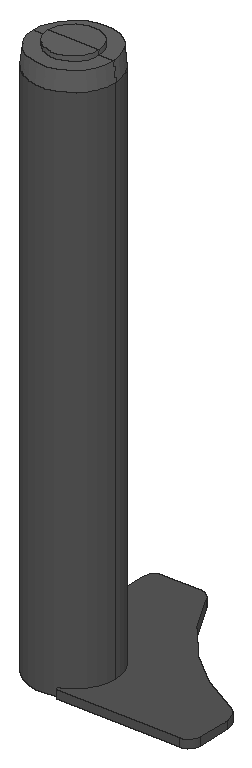
Revit family "Sanitary_Compound-Units_hansgrohe_54289XXX-Xilesa-E-Furniture-feet_145-20_2-pieces", category Furniture, host Face, Revit 2022
Family settings
  Host = Face
  OmniClass Number = 23.21.19.15.33.13
  OmniClass Title = Residential Bathroom Specialty Casework
  Cut with Voids When Loaded = No
  Render Appearance Source = Family Geometry
  Shared = No
  Room Calculation Point = No
Parameters (values of type "670 Matt Black")
  Version = 1  # constant formula
  URL = "https://www.hansgrohe.com/"
  Product data url = "https://www.bimobject.com/en/hansgrohe/product/54289XXX"
  Product Page URL = "https://www.hansgrohe.com/articledetail--54289550"
  Model = "54289XXX"  # constant formula
  Material 2 = Hansgrohe - Plastic - Black
  Material 1 = Hansgrohe - Metal - 670 Matte Black
  Manufacturer = "Hansgrohe"  # constant formula
  Height = 0 mm
  Description = "Xilesa E Furniture feet 145/20, 2 pieces"  # constant formula
  Default Elevation = 0 mm
  Date Updated = ""
  Date Created = "2024/02/03"  # constant formula
Reference planes
  plane 1 "Center (Front/Back)": y = 0
  plane 2: z = 0
  plane 3 "Center (Left/Right)": x = 0
Forms (mm)
  Extrusion 1, solid, material "Hansgrohe - Metal - 670 Matte Black" <- "Material 1", detail levels fine
    sketch origin (50, 111, -143) x (1, 0, 0) y (0, 1, 0)
      loop
        arc (-2.994, -111) -> (-0.877, -110.123) -> (0, -108.006) r 2.994
        line (0, -108.006) -> (0, -99.395)
        arc (0, -99.395) -> (-0.812, -96.664) -> (-2.983, -94.82) r 5
        arc (-2.983, -94.82) -> (-21.262, -82.293) -> (-33.755, -63.991) r 60.068
        arc (-33.755, -63.991) -> (-35.599, -61.814) -> (-38.334, -61) r 5
        line (-38.334, -61) -> (-47, -61)
        arc (-47, -61) -> (-49.121, -61.879) -> (-50, -64) r 3
        line (-50, -64) -> (-50, -99)
        arc (-50, -99) -> (-46.485, -107.485) -> (-38, -111) r 12
        line (-38, -111) -> (-2.994, -111)
    from 143 to 145
  Revolve 2, solid, material "Hansgrohe - Metal - 670 Matte Black" <- "Material 1", detail levels fine
    sketch origin (50, 11, 145) x (1, 0, 0) y (0, 0, -1)
      loop
        line (-49.75, 6) -> (-47.721, 6) -> (-47.721, 145) -> (-49.75, 145) -> (-49.75, 6)
      axis (-39, 6) -> (-39, 145)
    angle from 0 to 360
  Extrusion 3, void
    sketch origin (50, 111, -143) x (1, 0, 0) y (0, 1, 0)
      loop
        arc (-28.25, -100) -> (-36.972, -89.443) -> (-48.985, -96.017) r 10.75
        line (-48.985, -96.017) -> (-50.079, -95.506) -> (-57.059, -95.506) -> (-57.059, -116) -> (-34.543, -116) -> (-34.543, -111) -> (-35.017, -109.985)
        arc (-35.017, -109.985) -> (-30.101, -106.031) -> (-28.25, -100) r 10.75
    from 135.402 to 151.992
  Revolve 4, solid, material "Hansgrohe - Plastic - Black" <- "Material 2", detail levels fine
    sketch origin (50, 11, 145) x (1, 0, 0) y (0, 0, -1)
      loop
        line (-39, 0) -> (-39, 6) -> (-49.75, 6) -> (-49.263, 1.2) -> (-45.5, 1.2) -> (-45.5, 0) -> (-39, 0)
      axis (-39, 6) -> (-39, 0)
    angle from 0 to 360
  Extrusion 5, solid, material "Hansgrohe - Metal - 670 Matte Black" <- "Material 1", detail levels medium
    sketch origin (50, 111, -143) x (1, 0, 0) y (0, 1, 0)
      loop
        line (0, -111) -> (0, -96.041)
        arc (0, -96.041) -> (-21.264, -82.291) -> (-34.973, -61) r 60.068
        line (-34.973, -61) -> (-50, -61) -> (-50, -111) -> (0, -111)
    from 143 to 145
  Extrusion 6, solid, material "Hansgrohe - Metal - 670 Matte Black" <- "Material 1", detail levels medium
    sketch origin (50, 111, 2) x (1, 0, 0) y (0, 1, 0)
      loop
        circle (-38.894, -99.894) r 10.735
    from 0 to 143
  Extrusion 7, solid, material "Hansgrohe - Metal - 670 Matte Black" <- "Material 1", detail levels coarse
    sketch origin (50, 111, -143) x (1, 0, 0) y (0, 1, 0)
      loop
        line (0, -111) -> (0, -97.803) -> (-36.803, -61) -> (-50, -61) -> (-50, -111) -> (0, -111)
    from 143 to 145
  Extrusion 8, solid, material "Hansgrohe - Metal - 670 Matte Black" <- "Material 1", detail levels coarse
    sketch origin (50, 111, 2) x (1, 0, 0) y (0, 1, 0)
      loop
        line (-50, -111) -> (-28.25, -111) -> (-28.25, -89.159) -> (-50, -89.159) -> (-50, -111)
    from 0 to 143
Cuts and joins
  Extrusion 3 cuts Extrusion 1
Lines and regions (mm)
  Masking region 1
    outline origin (111, 50, 0) x (1, 0, 0) y (0, 1, 0)
      loop
        line (-111, -2.994) -> (-111, -38)
        arc (-111, -38) -> (-107.485, -46.485) -> (-99, -50) r 12
        line (-99, -50) -> (-64, -50)
        arc (-64, -50) -> (-61.879, -49.121) -> (-61, -47) r 3
        line (-61, -47) -> (-61, -38.334)
        arc (-61, -38.334) -> (-61.814, -35.599) -> (-63.991, -33.755) r 5
        arc (-63.991, -33.755) -> (-82.293, -21.262) -> (-94.82, -2.983) r 60.068
        arc (-94.82, -2.983) -> (-96.664, -0.812) -> (-99.395, 0) r 5
        line (-99.395, 0) -> (-108.006, 0)
        arc (-108.006, 0) -> (-110.123, -0.877) -> (-111, -2.994) r 2.994
  Masking region 2
    outline origin (0, 50, 145) x (0, 1, 0) y (0, 0, 1)
      loop
        line (-28.25, -143) -> (-28.25, -6) -> (-28.737, -1.2) -> (-32.5, -1.2) -> (-32.5, 0) -> (-45.5, 0) -> (-45.5, -1.2) -> (-49.263, -1.2) -> (-49.75, -6) -> (-49.75, -145) -> (0, -145) -> (0, -143) -> (-28.25, -143)
  Masking region 3
    outline origin (110.75, 0, 145) x (1, 0, 0) y (0, 0, 1)
      loop
        line (-61, -145) -> (-61, -143) -> (-89.25, -143) -> (-89.25, -6) -> (-89.737, -1.2) -> (-93.5, -1.2) -> (-93.5, 0) -> (-106.5, 0) -> (-106.5, -1.2) -> (-110.263, -1.2) -> (-110.75, -6) -> (-110.75, -145) -> (-61, -145)
  symbolic lines, detail levels medium+fine
    curve 1: circle (11.106, 11.106, 0) r 10.735 normal (0, 0, 1)
    curve 3: line (0, 13.714, 0) -> (0, 13.714, 2)
    curve 4: line (0, 13.714, 2) -> (0, 21.75, 2)
    curve 5: line (0, 17.5, 143.8) -> (0, 4.5, 143.8)
    curve 7: line (4.25, 0, 143.8) -> (17.25, 0, 143.8)
    curve 8: line (21.5, 0, 2) -> (13.464, 0, 2)
    curve 9: line (13.464, 0, 2) -> (13.464, 0, 0)
  symbolic lines, detail levels fine
    curve 2: circle (11.106, 11.106, 0) r 8.235 normal (0, 0, 1)
    curve 6: line (0, 21.75, 139) -> (0, 0.25, 139)
    curve 10: line (0, 0, 139) -> (21.5, 0, 139)
Dimensions and locks
  aligned and locked: plane 2 to host face
  aligned and locked: level to host face
